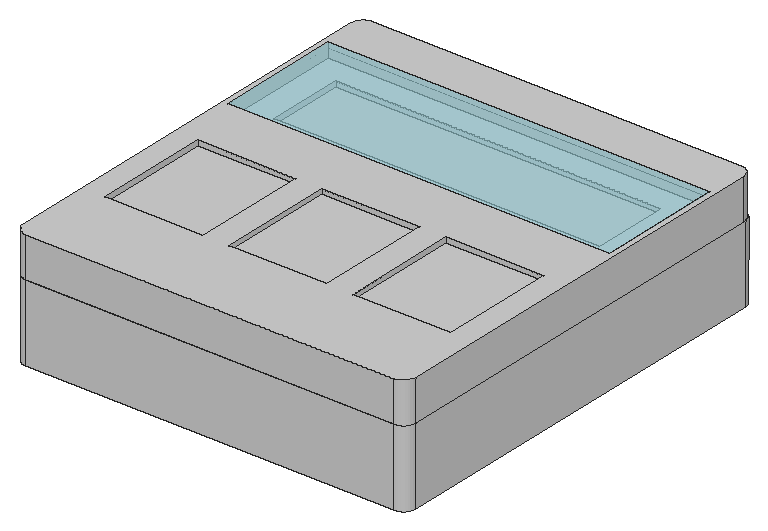
Revit family "Building-IEC309Boards-GEWISS-68QDIN-DISTRIBUTION-BOARD-14MOD_3SOCKET-OUTLETS", category Apparecchi elettrici, host Superficie, Revit 2019
Family settings
  Host = Superficie
  Mantenere orientamento annotazione = Sì
  Quota connettore circolare = Usa diametro
  Tipo di parte = Normale
  Taglio con vuoti quando caricato = No
  Condiviso = No
  Punto di calcolo locali = Sì
Parameters (values of type "GW68005N - Q-DIN 14M 3 FLANGES S.O.16/32A IP65")
  visibilita posizionamento 2d [instance] = yes
  simbolo 2d [instance] = yes
  oggetto in pianta [instance] = not(visibilita posizionamento 2d)  # no
  distanza_simbolo [instance] = 0.1 mm
  bordo acceso [instance] = yes
  Working temperature = "-25 ÷ +40 °C"
  Visibilità sportello [instance] = yes
  Version type = "Empty"
  Version file RFA = "21.5"
  VETRO = Vetro
  URL = "https://www.gewiss.com/ww/en"
  Thermo-pressure with ball = "70 °C"
  Technical sheet = "https://www.gewiss.com/ww/en/search?q=GW68005N"
  Spostamento_effettivo_S [instance] = 4000 mm - Spostamento_S  # 3000 mm
  Spostamento_S = 1000 mm
  Simbolo_quadro [instance] = not(simbolo 2d)  # no
  Shock resistance = "IK08"
  STRUTTURA ALTA = Poche
  STRUTTURA = RAL - 7035
  SEO = "Board"
  Realized by GEWISS S.p.A. = ""
  Default Elevation = 1219.2 mm
  Produttore = "GEWISS S.p.A."
  PRESA = rosso
  POMELLO = bianco
  Operating temperature: = "-25 +40 °C"
  No. of provided blank lids = "1 IEC 16/32A"
  No. of modules EN 50022 = "14"
  No. of blank lids supplied = "1 IB 16/32A"
  Modello = "GW68005N"
  Insulation class = "II"
  Installation type = "Surface-mounting"
  Immagine tipo = GW68005N.jpg
  IP degree = "IP65"
  IDT = "63e6b50c-c9b0-4c82-844b-021dcb4b6831"
  IDF = "195ebcb1-dd8e-40fd-99da-a97f76e872ef"
  Houseable socket = "3 IEC 309 16/32A IP44/67"
  Glow Wire Test = "650°C"
  Electrocod = "2242"
  EAN code = "8011564744769"
  Dispersible power B (W) = "64"
  Dispersible power A (W) = "24"
  Descrizione = "Q-DIN 14M 3 FLANGES S.O.16/32A IP65"
  Colour = "Grey RAL 7035"
  Catalogue Range = "68 QDIN"
  Catalogue = "BUILDING"
  COBie.Tagnumber = ""
  COBie.CreatedOn = ""
  COBie.CreatebBy = ""
  COBie.ComponentRegisterItemID = ""
  COBie.Component.TagNumber = ""
  COBie.Component.Space = ""
  COBie.Component.SerialNumber = ""
  COBie.Component.InstallationDate = ""
  COBie.Component.Description = ""
  COBie.Component.BarCode = ""
  Accordance with Standards = "EN 60208 - EN 60670-1 - IEC 60670-24"
Reference planes
  plane 1 "Centro (Fronte/Retro)": y = 0
  plane 2: z = 0
  plane 3 "Centro (Sinistra/Destra)": x = 0
  plane 4: x = -3000
  plane 5: x = 0
Forms (mm)
  Extrusion 1, solid, detail levels coarse
    sketch origin (0, 0, 0) x (1, 0, 0) y (0, 1, 0)
      loop
        line (-160, 354) -> (-160, 0) -> (160, 0) -> (160, 354) -> (-160, 354)
    from 0 to 96
Lines and regions (mm)
  Masking region 1, visible <- "visibilita posizionamento 2d"
    outline origin (0, 0, 0) x (1, 0, 0) y (0, 0, 1)
      loop
        line (-160, 0) -> (160, 0) -> (160, 96) -> (-160, 96) -> (-160, 0)
Dimensions and locks
  plane 4 to plane 3 "Centro (Sinistra/Destra)" = 3000 mm
  "Spostamento_effettivo_S": plane 4 to plane 5
  aligned and locked: plane 2 to host face
  aligned and locked: level to host face
  aligned and locked: nested 1 to plane 5
  aligned and locked: nested 3 to plane 5
  aligned and locked: nested 2 to plane 5
  aligned and locked: Extrusion 1 sketch curve to nested 2  (x3)
  aligned and locked: nested 2 to Extrusion 1 sketch curve
  aligned and locked: Extrusion 1 to nested 2
Automatic sketch dimensions
  host sketch curve to host sketch curve = 2438.4 mm  (x2)
  Masking region 1 sketch curve to level = 0 mm
  Masking region 1 sketch curve to plane 3 "Centro (Sinistra/Destra)" = 160 mm
  plane 3 "Centro (Sinistra/Destra)" to Masking region 1 sketch curve = 160 mm
  Masking region 1 sketch curve to Masking region 1 sketch curve = 96 mm
Nested families
  nested 1: "CENTRALINO" at (0, 737.795, 0), BORDO ACCESO <- "bordo acceso", SIMBOLO ACCESO <- "simbolo 2d", Distanza dal muro <- "distanza_simbolo", visible <- "simbolo 2d", type "CENTRALINO"
    with SIMBOLO ACCESO yes, Distanza dal muro 0.1 mm, BORDO ACCESO yes
  nested 2: "68QDIN14 QUADRO DISTRIBUZ X 3 PRESE IND_base" at (0, 192, 0), Visibilita sportello <- "Visibilità sportello", type "68QDIN14 QUADRO DISTRIBUZ X 3 PRESE IND_base", detail levels medium+fine
  nested 3: "simb_CENTRALINO_BASE_cad pro" at (0, 737.795, 0), Distanza dal muro <- "distanza_simbolo", visible <- "Simbolo_quadro", SIMBOLO ACCESO <- "Simbolo_quadro", type "simb_CENTRALINO_BASE_cad pro"
    with SIMBOLO ACCESO no, Distanza dal muro 0.1 mm, BORDO ACCESO yes
Definition of nested family "68QDIN14 QUADRO DISTRIBUZ X 3 PRESE IND_base"
  Parameters (values of type "68QDIN14 QUADRO DISTRIBUZ X 3 PRESE IND_base")
    n_moduli = 105 mm
    h_moduli = 64 mm
    Visibilita sportello [instance] = yes
    Vetro = none
    Struttura = none
    Spessore = 96 mm
    Default Elevation = 14 mm
    Presa = none
    Larghezza = 320 mm
    IFC.TypeObject = ""
    IFC.ExportType = ""
    IFC.ExportAs = ""
    H_da terra = 589.057 mm
    COBie.CreatedOn = ""
    COBie.CreatebBy = ""
    COBie.ComponentRegisterItemID = ""
    COBie.Component.TagNumber = ""
    COBie.Component.Space = ""
    COBie.Component.SerialNumber = ""
    COBie.Component.InstallationDate = ""
    COBie.Component.Description = ""
    COBie.Component.BarCode = ""
    Altezza scatole = 350 mm
    Altezza quadro = 150 mm
    Altezza = 258 mm
  Reference planes
    plane 1 "Centro (Fronte/Retro)": y = 0
    plane 2: z = 0
    plane 3 "Centro (Sinistra/Destra)": x = 0
    plane 4: z = 69.589
    plane 5: z = 115.626
    plane 6: z = 63
    plane 7: x = -160
    plane 8: x = 160
    plane 9: x = -156
    plane 10: x = 156
    plane 11: y = 123.21
    plane 12: y = 21.246
    plane 13: y = 0
    plane 14: y = -242.621
    plane 15: y = -28
    plane 16: y = -192
    plane 17: y = 162
    plane 18: z = 58
    plane 19: y = 103
    plane 20: y = 39
    plane 21: x = -52.5
    plane 22: x = 52.5
    plane 23: z = 92.059
    plane 24: z = 96
    plane 25 "posizionamento moduli": z = 84.734
    plane 26: z = 80.558
    plane 27: y = 71
    plane 28: x = -141
    plane 29: x = 158.1
    plane 30: x = -61
    plane 31: y = -123
    plane 32: x = -40
    plane 33: x = 40
    plane 34: x = 61
    plane 35: x = 141
  Forms (mm)
    Extrusion 1, solid, material <- "Struttura"
      sketch origin (0, -857.311, 0) x (1, 0, 0) y (0, 1, 0)
        loop
          arc (-150, 1019.311) -> (-157.071, 1016.382) -> (-160, 1009.311) r 10
          line (-160, 1009.311) -> (-160, 675.311)
          arc (-160, 675.311) -> (-157.071, 668.24) -> (-150, 665.311) r 10
          line (-150, 665.311) -> (150, 665.311)
          arc (150, 665.311) -> (157.071, 668.24) -> (160, 675.311) r 10
          line (160, 675.311) -> (160, 1009.311)
          arc (160, 1009.311) -> (157.071, 1016.382) -> (150, 1019.311) r 10
          line (150, 1019.311) -> (-150, 1019.311)
      from 63 to 96
    Extrusion 2, solid, material <- "Struttura"
      sketch origin (0, -857.311, 0) x (1, 0, 0) y (0, 1, 0)
        loop
          line (152.45, 1019.311) -> (-156.38, 1019.311)
          arc (-156.38, 1019.311) -> (-158.94, 1018.251) -> (-160, 1015.691) r 3.62
          line (-160, 1015.691) -> (-160, 675.311)
          arc (-160, 675.311) -> (-157.071, 668.24) -> (-150, 665.311) r 10
          line (-150, 665.311) -> (150, 665.311)
          arc (150, 665.311) -> (157.071, 668.24) -> (160, 675.311) r 10
          line (160, 675.311) -> (160, 1011.76)
          arc (160, 1011.76) -> (157.789, 1017.099) -> (152.45, 1019.311) r 7.55
      from 0 to 63
    Extrusion 3, void
      sketch origin (0, -857.311, 0) x (1, 0, 0) y (0, 1, 0)
        loop
          line (-156, 980.52) -> (-156, 878.557) -> (156, 878.557) -> (156, 980.52) -> (-156, 980.52)
      from 69.589 to 96
    Extrusion 4, solid, material <- "Vetro", visible <- "Visibilita sportello", detail levels fine
      sketch origin (0, -857.311, 0) x (1, 0, 0) y (0, 1, 0)
        loop
          line (-156, 980.52) -> (-156, 878.557) -> (156, 878.557) -> (156, 980.52) -> (-156, 980.52)
      from 92.059 to 96
    Extrusion 5, void
      sketch origin (0, 0, 0) x (1, 0, 0) y (0, 1, 0)
        loop
          line (-52.5, 39) -> (52.5, 39) -> (52.5, 103) -> (-52.5, 103) -> (-52.5, 39)
      from 80.558 to 84.734
    Extrusion 6, solid
      sketch origin (0, 0, 0) x (1, 0, 0) y (0, 1, 0)
        loop
          line (-156, 123.21) -> (-156, 21.246) -> (156, 21.246) -> (156, 123.21) -> (-156, 123.21)
      from 80.558 to 84.734
    Extrusion 7, void
      sketch origin (0, 0, 84.734) x (0, -1, 0) y (1, 0, 0)
        loop
          line (28, -141) -> (123, -141) -> (123, -61) -> (28, -61) -> (28, -141)
        loop
          line (123, -40) -> (123, 40) -> (28, 40) -> (28, -40) -> (123, -40)
        loop
          line (28, 61) -> (123, 61) -> (123, 141) -> (28, 141) -> (28, 61)
      from 7.325 to 11.266
  Cuts and joins
    Extrusion 3, Extrusion 7 cuts Extrusion 1
    Extrusion 5 cuts Extrusion 6
    Extrusion 5 cuts Extrusion 4
  Lines and regions (mm)
    model lines
      curve 1: line (-52.5, 71, 84.734) -> (52.5, 71, 84.734)
  Dimensions and locks
    plane 4 to plane 5 = 46.036 mm
    locked: plane 7 to plane 9 at 4
    locked: plane 10 to plane 8 at 4
    equal spacing: plane 7, plane 3 "Centro (Sinistra/Destra)", plane 8
    "Larghezza": plane 7 to plane 8
    plane 13 to plane 15 = 28 mm
    plane 1 "Centro (Fronte/Retro)" to plane 17 = 162 mm
    plane 16 to plane 13 = 192 mm
    plane 12 to plane 1 "Centro (Fronte/Retro)" = 21.246 mm
    plane 11 to plane 17 = 38.79 mm
    locked: plane 6 to plane 18 at 5
    locked: plane 17 to plane 19 at 59
    "h_moduli": plane 19 to plane 20
    equal spacing: plane 21, plane 3 "Centro (Sinistra/Destra)", plane 22
    "n_moduli": plane 21 to plane 22
    locked: plane 24 to plane 23 at 3.941
    plane 6 to plane 2 = 63 mm
    locked: plane 23 to plane 25 "posizionamento moduli" at 7.325
    locked: plane 25 "posizionamento moduli" to plane 26 at 4.176
    equal spacing: plane 19, plane 27, plane 20
    plane 15 to plane 31 = 95 mm  (x2)
    locked: plane 29 to plane 8 at 1.9
    plane 28 to plane 30 = 80 mm  (x2)
    plane 30 to plane 32 = 21 mm
    plane 34 to plane 35 = 80 mm
    equal spacing: plane 32, plane 3 "Centro (Sinistra/Destra)", plane 33
    plane 32 to plane 3 "Centro (Sinistra/Destra)" = 40 mm
    plane 33 to plane 34 = 21 mm
    radius of Extrusion 2 sketch curve = 10 mm  (x2)
    radius of Extrusion 2 sketch curve = 3.62 mm
    radius of Extrusion 2 sketch curve = 7.55 mm
    radius of Extrusion 1 sketch curve = 10 mm  (x4)
    aligned and locked: level to plane 2
    aligned and locked: cut or joined group of Extrusion 1, Extrusion 3, Extrusion 7 to plane 4
    aligned and locked: plane 7 to Extrusion 2 sketch curve
    aligned and locked: plane 8 to Extrusion 2 sketch curve
    aligned and locked: plane 8 to Extrusion 1 sketch curve
    aligned and locked: plane 7 to Extrusion 1 sketch curve
    aligned and locked: Extrusion 4 sketch curve to plane 9
    aligned and locked: Extrusion 4 sketch curve to plane 10
    aligned and locked: Extrusion 3 sketch curve to plane 9
    aligned and locked: Extrusion 3 sketch curve to plane 10
    aligned and locked: Extrusion 4 sketch curve to plane 11
    aligned and locked: Extrusion 4 sketch curve to plane 12
    aligned and locked: Extrusion 3 sketch curve to plane 11
    aligned and locked: Extrusion 3 sketch curve to plane 12
    aligned and locked: plane 16 to Extrusion 2 sketch curve
    aligned and locked: plane 1 "Centro (Fronte/Retro)" to plane 13
    aligned and locked: plane 17 to Extrusion 1 sketch curve
    aligned and locked: Extrusion 5 sketch curve to plane 21
    aligned and locked: Extrusion 5 sketch curve to plane 19
    aligned and locked: Extrusion 5 sketch curve to plane 20
    aligned and locked: Extrusion 5 sketch curve to plane 22
    aligned and locked: plane 25 "posizionamento moduli" to Extrusion 5
    aligned and locked: Extrusion 5 to plane 26
    aligned and locked: Extrusion 6 sketch curve to plane 11
    aligned and locked: Extrusion 6 sketch curve to plane 12
    aligned and locked: Extrusion 6 to plane 26
    aligned and locked: plane 25 "posizionamento moduli" to Extrusion 6
    aligned and locked: Extrusion 6 sketch curve to Extrusion 4  (x2)
    aligned and locked: plane 27 to curve 1
    aligned and locked: plane 16 to Extrusion 1 sketch curve
    aligned and locked: Extrusion 2 sketch curve to plane 17
    aligned and locked: Extrusion 7 sketch curve to plane 15
    aligned and locked: Extrusion 7 sketch curve to plane 31
    aligned and locked: Extrusion 7 sketch curve to plane 28
    aligned and locked: Extrusion 7 sketch curve to plane 30
    aligned and locked: Extrusion 7 sketch curve to plane 32
    aligned and locked: Extrusion 7 sketch curve to plane 33
    aligned and locked: Extrusion 7 sketch curve to plane 34
    aligned and locked: Extrusion 7 sketch curve to plane 35
    aligned and locked: Extrusion 1 to Extrusion 7
    aligned and locked: Extrusion 7 to plane 23
  Automatic sketch dimensions
    curve 1 to plane 21 = 0 mm
    curve 1 to plane 22 = 0 mm
    plane 15 to Extrusion 7 sketch curve = 0 mm
    Extrusion 7 sketch curve to plane 31 = 0 mm  (x2)
    Extrusion 7 sketch curve to plane 15 = 0 mm
Definition of nested family "CENTRALINO"
  Parameters (values of type "CENTRALINO")
    SIMBOLO ACCESO [instance] = yes
    Distanza dal muro [instance] = 0 mm
    BORDO ACCESO [instance] = yes
  Reference planes
    plane 1: y = 0
    plane 2: x = 0
  Dimensions and locks
    "Distanza dal muro": plane 1 to nested 1
    aligned and locked: plane 2 to nested 1
  Nested families
    nested 1: "CENTRALINO_BASE" at (0, 0, 0), BORDO ACCESO <- "BORDO ACCESO", visible <- "SIMBOLO ACCESO", type "CENTRALINO"
      with BORDO ACCESO yes
  Definition of nested family "CENTRALINO_BASE"
    Parameters (values of type "CENTRALINO")
      Distanza dal muro = 0 mm
      BORDO ACCESO [instance] = yes
    Reference planes
      plane 1: y = 0
      plane 2: x = 0
    Lines and regions (mm)
      detail lines, visible <- "BORDO ACCESO", not visible
        curve 1: line (-2.443, 10.208, 0) -> (2.057, 10.208, 0)
        curve 2: line (2.057, 10.208, 0) -> (2.057, 4.208, 0)
        curve 3: line (2.057, 4.208, 0) -> (-2.443, 4.208, 0)
        curve 4: line (-2.443, 4.208, 0) -> (-2.443, 10.208, 0)
        curve 5: line (-2.043, 9.808, 0) -> (1.657, 9.808, 0)
        curve 6: line (1.657, 9.808, 0) -> (1.657, 4.608, 0)
        curve 7: line (1.657, 4.608, 0) -> (-2.043, 4.608, 0)
        curve 8: line (-2.043, 4.608, 0) -> (-2.043, 9.808, 0)
      detail lines
        curve 9: line (0, 0.671, 0) -> (0, 0, 0)
        curve 10: line (0.659, 0.671, 0) -> (0.659, 1.33, 0)
        curve 11: line (0.659, 1.33, 0) -> (-0.659, 1.33, 0)
        curve 12: line (-0.659, 1.33, 0) -> (-0.659, 0.671, 0)
        curve 13: line (-0.659, 0.671, 0) -> (0.659, 0.671, 0)
        curve 14: line (0.497, 1.33, 0) -> (0.497, 2, 0)
        curve 15: line (0.167, 1.33, 0) -> (0.167, 2, 0)
        curve 16: line (-0.162, 1.33, 0) -> (-0.162, 2, 0)
        curve 17: line (-0.491, 1.33, 0) -> (-0.491, 2, 0)
Definition of nested family "simb_CENTRALINO_BASE_cad pro"
  Parameters (values of type "simb_CENTRALINO_BASE_cad pro")
    SIMBOLO ACCESO [instance] = yes
    Distanza dal muro [instance] = 0 mm
    BORDO ACCESO [instance] = yes
  Reference planes
    plane 1: y = 0
    plane 2: x = 0
  Dimensions and locks
    "Distanza dal muro": plane 1 to nested 1
    aligned and locked: plane 2 to nested 1
  Nested families
    nested 1: "CENTRALINO_BASE_cad pro" at (0, 0, 0), type "CENTRALINO"
  Definition of nested family "CENTRALINO_BASE_cad pro"
    Parameters (values of type "CENTRALINO")
      Distanza dal muro = 0 mm
    Reference planes
      plane 1: y = 0
      plane 2: x = 0
    Lines and regions (mm)
      detail lines
        curve 1: line (1.33, 1.33, 0) -> (2.109, 1.33, 0)
        curve 2: line (2.109, 1.33, 0) -> (2.109, 0, 0)
        curve 3: line (2.109, 0, 0) -> (1.33, 0, 0)
        curve 4: line (1.33, 0, 0) -> (-1.33, 1.33, 0)
        curve 5: line (-1.33, 1.33, 0) -> (1.33, 1.33, 0)
        curve 6: line (1.33, 1.33, 0) -> (1.33, 0, 0)
        curve 7: line (1.33, 0, 0) -> (-1.33, 0, 0)
        curve 8: line (-1.33, 0, 0) -> (-1.33, 1.33, 0)
        curve 9: line (1.461, 0.665, 0) -> (1.977, 0.665, 0)
        curve 10: line (1.719, 0.665, 0) -> (1.719, 1.01, 0)
        curve 11: arc (1.977, 0.406, 0) -> (1.719, 0.665, 0) -> (1.461, 0.406, 0) r 0.258
